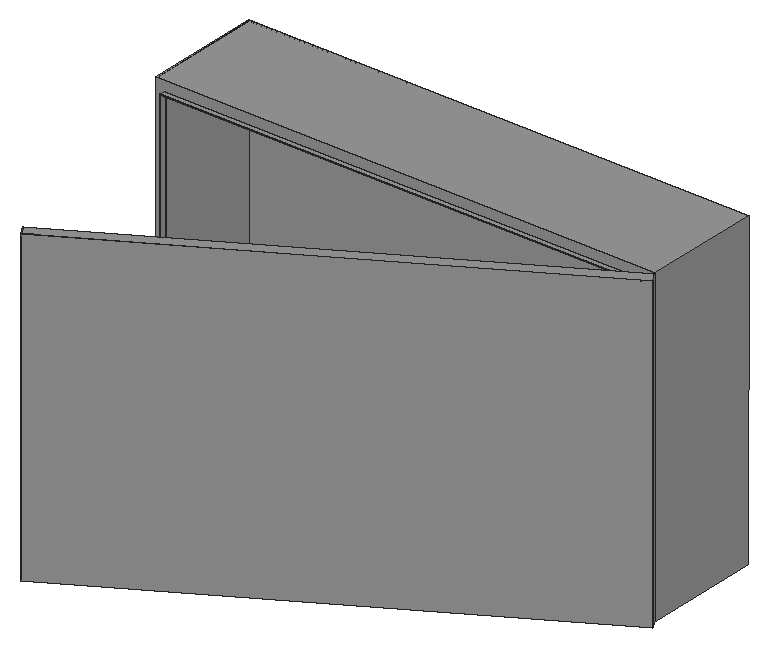
Revit family "Hager-Univers-IP54-D205-H500-Cl.I-Encl-NoHosted-CH-en", category Equipement électrique, Revit 2020
Family settings
  Configuration du panneau = Deux colonnes, circuits au sein
  Cote de connecteur circulaire = Utiliser le diamètre
  Type d'élément = Tableau de raccordement
  Basée sur le plan de construction = Oui
  Toujours verticalement = Oui
  Couper avec des vides une fois chargée = Non
  Partagée = Non
  Point de calcul de pièce = Non
Parameters (values of type "Surface mounted (plaster) IP54 W800 H500 D205  - FP33TW2")
  Width Control [instance] = if([EF000008 - Width] > Min Width, [EF000008 - Width], Min Width)  # 800 mm
  Commentaires du type = [HG000003 - Range]  # "Univers"
  Thickness Door [instance] = if([EF009171 - Material plate thickness door/cover] > 3 mm, 3 mm, [EF009171 - Material plate thickness door/cover])  # 1 mm
  Seal Frame Offset [instance] = 17 mm  # constant formula
  Plinth Visibility [instance] = [HG000027 - Plinth height] > 0 mm  # no
  Min Width [instance] = 100 mm  # constant formula
  Min Depth [instance] = (2 * [EF009170 - Material plate thickness cabinet]) + 1 mm  # 3 mm
  Min Height [instance] = 100 mm  # constant formula
  Internal Frame Depth [instance] = (Door System Depth * 0.5)  # 9 mm
  Panel Name [instance] = ""  # (empty or 0)
  Model = ""
  HG000027 - Plinth height = 0 mm
  HG000026 - Floor standing = no
  HG000024 - Bottom section height = 600 mm
  HG000023 - Double section enclosure = no
  HG000016 - Door 3d visibility [instance] = yes
  HG000015 - Clearance visibility [instance] = no
  HG000014 - Door on the right [instance] = yes
  HG000013 - Door on the left [instance] = not([HG000014 - Door on the right])  # no
  HG000012 - Door swing angle [instance] = 30.00°
  HG000010 - Asymmetric doors = no
  HG000009 - Double swing door = no
  HG000006 - Flush mounted = no
  HG000004 - Manufacturer reference = "FP33TW2"
  HG000003 - Range = "Univers"
  HG000002 - With door or cover = yes
  Frame Offset Bottom [instance] = 10 mm  # constant formula
  Frame Offset [instance] = 15 mm  # constant formula
  EF015940 - Cover with overpressure release = no
  EF011959 - Degree of protection (NEMA) = ""
  EF009554 - Number of openings for flange plates = 6
  EF009212 - Cover model = "EV000116 - Closed"
  EF009171 - Material plate thickness door/cover = 1 mm
  EF009170 - Material plate thickness cabinet = 1 mm
  EF008873 - Nominal current (In) = 250 A
  EF007800 - Suitable for lightning protection = no
  EF006306 - With lock = no
  EF006244 - Transparent cover/door = no
  EF005474 - Degree of protection (IP) = "EV006419 - IP54"
  EF004464 - Type of door = "EV002646 - Single"
  EF004427 - Number of modules = 108
  EF004293 - Impact strength = "EV006815 - IK09"
  EF003532 - Suitable for outdoor use = no
  EF002950 - Width in number of modular spacings = 36
  EF001613 - Circuit integrity = "EV000494 - None"
  EF001596 - Material housing = "EV000179 - Steel"
  EF001131 - Internal depth = 205 mm
  EF001088 - Extension possible = yes
  EF000437 - Number of conduit inlets = 6
  EF000339 - Type of cover = "EV001012 - Cover"
  EF000266 - Number of rows = 3
  EF000218 - Built-in depth = 205 mm
  EF000118 - With mounting plate = no
  EF000116 - RAL-number = "9010"
  EF000049 - Depth = 205 mm
  EF000040 - Height = 500 mm
  EF000008 - Width = 800 mm
  EF000007 - Colour = "EV000202 - White"
  EF000003 - Mounting method = "EV000384 - Surface mounted (plaster)"
  Door System Leaf Tolerance [instance] = 1.5 mm  # constant formula
  Door System Depth [instance] = 18 mm  # constant formula
  Door Height [instance] = Height Control - [HG000027 - Plinth height]  # 500 mm
  Description = ""
  Default Elevation = 1219.2 mm
  Connector Offset [instance] = Height Control / 2  # 250 mm
  Fabricant = "Hager"  # constant formula
  Height Control [instance] = if([EF000040 - Height] > Min Height, [EF000040 - Height], Min Height)  # 500 mm
  Depth Control [instance] = if([EF000049 - Depth] > Min Depth, [EF000049 - Depth], Min Depth)  # 205 mm
  Bottom Top Plate Trim [instance] = 1.5 mm  # constant formula
  Plinth height Ctrl [instance] = if([HG000027 - Plinth height] > 0 mm, [HG000027 - Plinth height], 12 mm)  # 12 mm
Types (5, lengths in mm): name | Width Control | HG000004 - Manufacturer reference | EF009554 - Number of openings for flange plates | EF004464 - Type of door | EF004427 - Number of modules | EF002950 - Width in number of modular spacings | EF000437 - Number of conduit inlets | EF000008 - Width
  Surface mounted (plaster) IP54 W1050 H500 D205  - FP34TW2 | 1050 | "FP34TW2" | 8 | "EV003602 - Double" | 144 | 48 | 8 | 1050
  Surface mounted (plaster) IP54 W1300 H500 D205  - FP35TW2 | 1300 | "FP35TW2" | 10 | "EV003602 - Double" | 180 | 60 | 10 | 1300
  Surface mounted (plaster) IP54 W300 H500 D205  - FP31TW2 | 300 | "FP31TW2" | 2 | "EV002646 - Single" | 36 | 12 | 2 | 300
  Surface mounted (plaster) IP54 W550 H500 D205  - FP32TW2 | 550 | "FP32TW2" | 4 | "EV002646 - Single" | 72 | 24 | 4 | 550
  Surface mounted (plaster) IP54 W800 H500 D205  - FP33TW2 | 800 | "FP33TW2" | 6 | "EV002646 - Single" | 108 | 36 | 6 | 800
Reference planes
  plane 1 "Center (Front/Back)": y = 0
  plane 2: z = 0
  plane 3 "Center (Left/Right)": x = 0
  plane 4: y = 0
  plane 5: y = 0
  plane 6: z = 0
  plane 7: x = -400
  plane 8: x = 400
  plane 9: x = 399
  plane 10: x = -399
  plane 11: z = 0
  plane 12: z = 1
  plane 13: y = -205
  plane 14: y = -1
  plane 15: x = 0
  plane 16: y = -187
  plane 17: y = -204
  plane 18: y = -186
  plane 19: x = -384
  plane 20: x = 384
  plane 21: z = 11
  plane 22: x = -383
  plane 23: x = 383
  plane 24: z = 0
  plane 25: z = 500
  plane 26: z = 500
  plane 27: z = 484
  plane 28: z = 499
Forms (mm)
  Extrusion 1, solid, material "Hager_Steel_RAL7035_Light_Grey", detail levels medium+fine
    sketch origin (-208.679, -4572, 0) x (-1, 0, 0) y (0, -1, 0)
      loop
        line (191.321, -4385) -> (-608.679, -4385) -> (-608.679, -4572) -> (191.321, -4572) -> (191.321, -4385)
    from 0 to 500
  Extrusion 2, void
    sketch origin (-350.771, -205, 1219.2) x (1, 0, 0) y (0, 0, 1)
      loop
        line (-48.229, -720.2) -> (-48.229, -1218.2) -> (749.771, -1218.2) -> (749.771, -720.2) -> (-48.229, -720.2)
    from -19 to -204
  Extrusion 3, void
    sketch origin (-290.084, -187, 1219.2) x (1, 0, 0) y (0, 0, 1)
      loop
        line (-93.916, -1208.2) -> (674.084, -1208.2) -> (674.084, -735.2) -> (-93.916, -735.2) -> (-93.916, -1208.2)
    from 0 to -1
  Extrusion 4, solid, material "Hager_Steel_RAL7035_Light_Grey", visible <- "Plinth Visibility", detail levels medium+fine
    sketch origin (0, 0, 0) x (1, 0, 0) y (0, 1, 0)
      loop
        line (-400, 0) -> (-400, -187) -> (400, -187) -> (400, 0) -> (-400, 0)
    from 0 to 12 <- "Plinth height Ctrl"
  Extrusion 5, solid, material "Hager_Steel_RAL7035_Light_Grey", detail levels coarse
    sketch origin (0, 0, 0) x (1, 0, 0) y (0, 1, 0)
      loop
        line (-400, 0) -> (-400, -205) -> (400, -205) -> (400, 0) -> (-400, 0)
    from 0 to 500 <- "Height Control"
  Sweep 6, void
    path in 3D
      loop
        line (-400, -187, 12) -> (400, -187, 12) -> (400, 0, 12) -> (-400, 0, 12) -> (-400, -187, 12)
    profile origin (-400, -93.5, 12) x (1, 0, 0) y (0, 0, 1)
      loop
        line (0, 0) -> (0, -1.5) -> (1.5, -1.5)
        arc (1.5, -1.5) -> (1.061, -0.439) -> (0, 0) r 1.5
  Extrusion 7, solid, material "Hager_Steel_RAL7035_Light_Grey", detail levels fine
    sketch origin (-400, -187, 0) x (1, 0, 0) y (0, 0, 1)
      loop
        line (16, 11) -> (784, 11) -> (784, 484) -> (16, 484) -> (16, 11)
      loop
        line (15, 10) -> (785, 10) -> (785, 485) -> (15, 485) -> (15, 10)
    from 0 to 9 <- "Internal Frame Depth"
Cuts and joins
  Extrusion 2, Extrusion 3 cuts Extrusion 1
  Sweep 6 cuts Extrusion 4
Lines and regions (mm)
  Masking region 1
    outline origin (0, 0, 0) x (1, 0, 0) y (0, 1, 0)
      loop
        line (-400, 0) -> (-400, -205) -> (400, -205) -> (400, 0) -> (-400, 0)
  Masking region 2, detail levels coarse
    outline origin (-290.084, -187, 1219.2) x (-1, 0, 0) y (0, 0, 1)
      loop
        line (-690.084, -1219.2) -> (109.916, -1219.2) -> (109.916, -719.2) -> (-690.084, -719.2) -> (-690.084, -1219.2)
  Masking region 3, detail levels coarse
    outline origin (0, 0, 0) x (0, 1, 0) y (0, 0, 1)
      loop
        line (0, 0) -> (0, 500) -> (-205, 500) -> (-205, 0) -> (0, 0)
  Masking region 4, visible <- "Plinth Visibility", detail levels medium+fine
    outline origin (0, 0, 0) x (0, 1, 0) y (0, 0, 1)
      loop
        line (-1.5, 12) -> (-185.5, 12)
        arc (-185.5, 12) -> (-185.939, 10.939) -> (-187, 10.5) r 1.5
        line (-187, 10.5) -> (-187, 0) -> (0, 0) -> (0, 10.5)
        arc (0, 10.5) -> (-1.061, 10.939) -> (-1.5, 12) r 1.5
  Masking region 5, detail levels medium+fine
    outline origin (0, 0, 594.038) x (0, 1, 0) y (0, 0, 1)
      loop
        line (0, -594.038) -> (0, -94.038) -> (-187, -94.038) -> (-187, -594.038) -> (0, -594.038)
  Masking region 6, detail levels medium+fine
    outline origin (-359.7, -187, 1211.883) x (-1, 0, 0) y (0, 0, 1)
      loop
        line (-759.7, -1211.883) -> (40.3, -1211.883) -> (40.3, -711.883) -> (-759.7, -711.883) -> (-759.7, -1211.883)
  Masking region 7, visible <- "Plinth Visibility", detail levels medium+fine
    outline origin (-320.334, -187, 1041.368) x (-1, 0, 0) y (0, 0, 1)
      loop
        line (-720.334, -1041.368) -> (79.666, -1041.368) -> (79.666, -1030.868)
        arc (79.666, -1030.868) -> (78.606, -1030.429) -> (78.166, -1029.368) r 1.5
        line (78.166, -1029.368) -> (-718.834, -1029.368)
        arc (-718.834, -1029.368) -> (-719.273, -1030.429) -> (-720.334, -1030.868) r 1.5
        line (-720.334, -1030.868) -> (-720.334, -1041.368)
  sketch lines
    curve 1: line (-400, 0, 12) -> (-400, -187, 12)
    curve 2: line (-400, -187, 12) -> (400, -187, 12)
    curve 3: line (400, 0, 12) -> (-400, 0, 12)
    curve 4: line (400, -187, 12) -> (400, 0, 12)
Dimensions and locks
  locked: plane 1 "Center (Front/Back)" to plane 5
  "EF009170 - Material plate thickness cabinet": plane 7 to plane 10
  "EF009170 - Material plate thickness cabinet": plane 8 to plane 9
  equal spacing: plane 7, plane 3 "Center (Left/Right)", plane 8
  "Width Control": plane 7 to plane 8
  "Depth Control": plane 4 to plane 13
  "EF009170 - Material plate thickness cabinet": plane 4 to plane 14
  "Height Control": plane 25 to level
  "HG000027 - Plinth height": plane 11 to level
  "EF009170 - Material plate thickness cabinet": plane 12 to plane 11
  "EF009170 - Material plate thickness cabinet": plane 17 to plane 13
  "EF009170 - Material plate thickness cabinet": plane 18 to plane 16
  "Frame Offset Bottom": plane 21 to plane 12
  "Frame Offset": plane 10 to plane 19
  "Frame Offset": plane 9 to plane 20
  "Door System Depth": plane 16 to plane 13
  "Seal Frame Offset": plane 7 to plane 22
  "Seal Frame Offset": plane 8 to plane 23
  "EF009170 - Material plate thickness cabinet": plane 26 to plane 28
  "Frame Offset": plane 28 to plane 27
  "Connector Offset": plane 2 to connector elem
  "Bottom Top Plate Trim": profile plane to Sweep 6 sketch curve
  "Bottom Top Plate Trim": Sweep 6 sketch curve to Sweep 6 sketch curve
  "Plinth height Ctrl": Masking region 4 sketch curve to level
  "Plinth height Ctrl": Masking region 7 sketch curve to level
  "Thickness Door": Extrusion 7 sketch curve to Extrusion 7 sketch curve  (x4)
  "Bottom Top Plate Trim": radius of Sweep 6 sketch curve
  "Bottom Top Plate Trim": radius of Masking region 4 sketch curve  (x2)
  "Bottom Top Plate Trim": radius of Masking region 7 sketch curve  (x2)
  aligned and locked: Extrusion 2 sketch curve to plane 12
  aligned and locked: Extrusion 2 sketch curve to plane 9
  aligned and locked: Extrusion 2 sketch curve to plane 10
  aligned and locked: Extrusion 2 to plane 14
  aligned and locked: Extrusion 1 sketch curve to plane 4
  aligned and locked: plane 8 to Extrusion 1 sketch curve
  aligned and locked: plane 7 to Extrusion 1 sketch curve
  aligned and locked: Extrusion 2 to plane 18
  aligned and locked: plane 19 to Extrusion 3 sketch curve
  aligned and locked: plane 20 to Extrusion 3 sketch curve
  aligned and locked: Extrusion 3 to Extrusion 2
  aligned and locked: Extrusion 3 sketch curve to plane 21
  aligned and locked: plane 3 "Center (Left/Right)" to nested 1
  aligned and locked: Extrusion 1 sketch curve to plane 16
  aligned and locked: Extrusion 4 sketch curve to cut or joined group of Extrusion 1, Extrusion 2, Extrusion 3
  aligned and locked: Masking region 1 sketch curve to plane 7
  aligned and locked: Masking region 1 sketch curve to plane 5
  aligned and locked: Masking region 1 sketch curve to plane 8
  aligned and locked: Masking region 2 sketch curve to level
  aligned and locked: level to Masking region 3 sketch curve
  aligned and locked: plane 1 "Center (Front/Back)" to Masking region 3 sketch curve
  aligned and locked: plane 13 to Masking region 3 sketch curve
  aligned and locked: plane 5 to Masking region 4 sketch curve
  aligned and locked: Masking region 2 sketch curve to plane 8
  aligned and locked: Masking region 2 sketch curve to plane 7
  aligned and locked: plane 7 to nested 2
  aligned and locked: nested 2 to plane 5
  aligned and locked: plane 5 to Masking region 5 sketch curve
  aligned and locked: plane 26 to Masking region 5 sketch curve
  aligned and locked: Extrusion 5 sketch curve to plane 8
  aligned and locked: Extrusion 5 sketch curve to plane 7
  aligned and locked: Extrusion 5 sketch curve to plane 5
  aligned and locked: Extrusion 3 sketch curve to plane 27
  aligned and locked: Extrusion 2 sketch curve to plane 28
  aligned and locked: Masking region 2 to plane 25
  aligned and locked: Extrusion 4 to plane 16
  aligned and locked: profile plane to Sweep 6 sketch curve
  aligned and locked: Masking region 5 sketch curve to plane 24
  aligned and locked: level to Masking region 4 sketch curve
  aligned and locked: Masking region 1 to plane 13
  aligned and locked: nested 1 to plane 16
  aligned and locked: Masking region 3 to plane 25
  aligned and locked: plane 16 to Masking region 4 sketch curve
  aligned and locked: Masking region 5 sketch curve to plane 16
  aligned and locked: plane 24 to plane 11
  aligned and locked: plane 26 to plane 25
  aligned and locked: plane 26 to cut or joined group of Extrusion 1, Extrusion 2, Extrusion 3
  aligned and locked: nested 1 to plane 24
  aligned and locked: Extrusion 1 to Extrusion 3
  aligned and locked: Masking region 6 sketch curve to plane 8
  aligned and locked: Masking region 6 sketch curve to plane 24
  aligned and locked: Masking region 6 sketch curve to plane 7
  aligned and locked: Masking region 6 sketch curve to plane 26
  aligned and locked: Masking region 7 sketch curve to plane 7
  aligned and locked: level to Masking region 7 sketch curve
  aligned and locked: Masking region 7 sketch curve to plane 8
  aligned and locked: Extrusion 7 sketch curve to cut or joined group of Extrusion 1, Extrusion 2, Extrusion 3  (x4)
Automatic sketch dimensions
  plane 19 to Extrusion 3 sketch curve = 0 mm
  Extrusion 3 sketch curve to plane 20 = 0 mm
  Extrusion 3 sketch curve to plane 21 = 0 mm
  Extrusion 4 sketch curve to plane 7 = 0 mm
  Extrusion 4 sketch curve to plane 8 = 0 mm
  Extrusion 4 sketch curve to plane 16 = 0 mm
  Masking region 1 sketch curve to plane 13 = 0 mm
  Masking region 2 sketch curve to plane 25 = 0 mm
  Masking region 3 sketch curve to plane 25 = 0 mm
  Extrusion 5 sketch curve to plane 13 = 0 mm
  profile plane to Sweep 6 sketch curve = 0 mm
Nested families
  nested 1: "EC000058_Univers_Door" at (0, -187, 0), Double <- "HG000009 - Double swing door", Transparent <- "EF006244 - Transparent cover/door", Angle <- "HG000012 - Door swing angle", Door_Right <- "HG000014 - Door on the right", Assymetrical <- "HG000010 - Asymmetric doors", Door <- "HG000002 - With door or cover", Width_Ctrl <- "Width Control", 3d_Door <- "HG000016 - Door 3d visibility", Clearance <- "HG000015 - Clearance visibility", Door_Left <- "HG000013 - Door on the left", Width <- "Width Control", Door_Depth <- "Door System Depth", Leaf_Tolerance <- "Door System Leaf Tolerance", Height <- "Door Height", Lock_Visibility <- "EF006306 - With lock", Thickness <- "Thickness Door", type "EC000058_Univers_Door", detail levels medium+fine
    with min_wh 3 mm, Width_Ctrl 800 mm, Width 800 mm, Transparent no, Thickness 1 mm, Seal_Material Hager_Rubber, Lock_Visibility no, Lock_Material Hager_Plastic_RAL9005_Jet_Black, Leaf_Width 800 mm, Leaf_Tolerance_External_Sides 0 mm, Leaf_Tolerance 1.5 mm, Leaf_Offset 0 mm, Leaf_Height 497 mm, Leaf_2_Width 800 mm, Leaf_2_Offset 400 mm, Leaf_1_Width 800 mm, Leaf_1_Offset 400 mm, Height_Ctrl 500 mm, Height 500 mm, Glass_Material Hager_Glass, Double_Clearance_Ctrl no, Double no, Door_Right_Ctrl yes, Door_Right yes, Door_Material Hager_Steel_RAL7035_Light_Grey, Door_Left_Ctrl no, Door_Left no, Door_Depth 18 mm, Door yes, Clearance_Material Hager_Clearance, Clearance_Depth 800 mm, Clearance_Ctrl no, Clearance no, Assymetrical no, Angle 30.00°, 3d_Door yes
  nested 2: "Hager_Enclosure_Symbol" at (-400, 0, 0), Height <- "Depth Control", Width <- "Width Control", type "Hager_Enclosure_Symbol"
    with Width_Ctrl 800 mm, Width 800 mm, Height_Ctrl 205 mm, Height 205 mm, A_Width_Int 13.453 mm, A_Width 161.438 mm, A_Height_Ctrl 179.375 mm, A_Height 179.375 mm
Connectors
  electrical at (0, 0, 250)
    settings: on plane 1 "Center (Front/Back)", index 1, voltage 0 V, apparent load 0 VA, apparent load phase1 0 VA, apparent load phase2 0 VA, apparent load phase3 0 VA, power factor 1, load classification "Other", number of poles 1, system type 30, power factor state 1, is connector primary yes, connector utility no, sub classification motor no, connector description ""
Definition of nested family "EC000058_Univers_Door"
  Parameters (values of type "EC000058_Univers_Door")
    min_wh [instance] = (2 * Thickness) + 1 mm  # 11 mm
    Width_Ctrl [instance] = 400 mm
    Width [instance] = 500 mm
    Transparent [instance] = yes
    Thickness [instance] = 5 mm
    Seal_Material [instance] = none
    Lock_Visibility [instance] = yes
    Lock_Material [instance] = none
    Leaf_Width [instance] = if((Width_Ctrl - 2 * Leaf_Tolerance_External_Sides) > 0 mm, (Width_Ctrl - 2 * Leaf_Tolerance_External_Sides), min_wh)  # 400 mm
    Leaf_Tolerance_External_Sides [instance] = 0 mm  # constant formula
    Leaf_Tolerance [instance] = 1.5 mm
    Leaf_Offset [instance] = 0 mm  # constant formula
    Leaf_Height [instance] = if((Height_Ctrl - 2 * Leaf_Tolerance) > 0 mm, (Height_Ctrl - 2 * Leaf_Tolerance), min_wh)  # 497 mm
    Leaf_2_Width [instance] = if(and(and(Double, Assymetrical), Door_Left), (Leaf_Width / 3) - (Leaf_Tolerance / 2), if(and(and(Double, Assymetrical), Door_Right), (Leaf_Width / 3) * 2 - (Leaf_Tolerance / 2), if(and(Double, not(Assymetrical)), (Leaf_Width / 2) - Leaf_Tolerance, Leaf_Width)))  # 400 mm
    Leaf_2_Offset [instance] = if(and(Double, Assymetrical), Leaf_2_Width / 2, if(and(Double, not(Assymetrical)), Leaf_Width / 4, Leaf_Width / 2))  # 200 mm
    Leaf_1_Width [instance] = if(and(and(Double, Assymetrical), Door_Right), (Leaf_Width / 3) - (Leaf_Tolerance / 2), if(and(and(Double, Assymetrical), Door_Left), (Width / 3) * 2 - (Leaf_Tolerance / 2), if(and(Double, not(Assymetrical)), (Leaf_Width / 2) - Leaf_Tolerance, Leaf_Width)))  # 400 mm
    Leaf_1_Offset [instance] = if(and(Double, Assymetrical), Leaf_1_Width / 2, if(and(Double, not(Assymetrical)), Leaf_Width / 4, Leaf_Width / 2))  # 200 mm
    Height_Ctrl [instance] = if(Height > min_wh, Height, min_wh)  # 500 mm
    Height [instance] = 500 mm
    Glass_Material [instance] = none
    Double_Clearance_Ctrl [instance] = and(Double, Clearance)  # no
    Double [instance] = no
    Door_Right_Ctrl [instance] = and(or(Door_Right, Double), Door)  # yes
    Door_Right [instance] = yes
    Door_Material [instance] = none
    Door_Left_Ctrl [instance] = and(or(Door_Left, Double), Door)  # no
    Door_Left [instance] = no
    Door_Depth [instance] = 30 mm
    Door [instance] = yes
    Default Elevation = 1219.2 mm
    Clearance_Material [instance] = none
    Clearance_Depth [instance] = if(Leaf_1_Width > Leaf_2_Width, Leaf_1_Width, Leaf_2_Width)  # 400 mm
    Clearance_Ctrl [instance] = and(not(Double), Clearance)  # yes
    Clearance [instance] = yes
    Assymetrical [instance] = yes
    Angle [instance] = 30.00°
    3d_Door [instance] = yes
  Reference planes
    plane 1 "Center (Front/Back)": y = 0
    plane 2 "Bottom": z = 0
    plane 3 "Center (Left/Right)": x = 0
    plane 4: z = 500
    plane 5: x = -200
    plane 6: x = 200
    plane 7: z = 500
    plane 8: x = -200
    plane 9: z = 0
    plane 10: x = 200
    plane 11: y = 0
    plane 12: z = 1.5
    plane 13: x = -600
    plane 14: y = -400
    plane 15: x = 600
    plane 16: x = 0
    plane 17: x = 0
    plane 18: x = -200
    plane 19: x = 200
    plane 20: z = 498.5
  Forms (mm)
    Extrusion 1, solid, material <- "Clearance_Material", visible <- "Double_Clearance_Ctrl"
      sketch origin (1200, 0, 0) x (1, 0, 0) y (0, 0, -1)
        loop
          line (-1800, -498.5) -> (-600, -498.5) -> (-600, 0) -> (-1800, 0) -> (-1800, -498.5)
      from 0 to -400
  Dimensions and locks
    equal spacing: plane 5, plane 3 "Center (Left/Right)", plane 6
    "Width_Ctrl": plane 5 to plane 6
    "Leaf_Offset": plane 5 to plane 8
    "Leaf_Offset": plane 6 to plane 10
    "Leaf_Offset": plane 9 to level
    "Leaf_Offset": plane 4 to plane 7
    "Height_Ctrl": plane 4 to level
    "Leaf_Tolerance": plane 12 to plane 9
    locked: plane 11 to plane 1 "Center (Front/Back)"
    "Leaf_1_Offset": plane 18 to plane 16
    "Leaf_2_Offset": plane 17 to plane 19
    "Leaf_1_Width": plane 13 to plane 8
    "Leaf_2_Width": plane 10 to plane 15
    "Clearance_Depth": plane 14 to plane 1 "Center (Front/Back)"
    "Leaf_Tolerance_External_Sides": plane 8 to plane 18
    "Leaf_Tolerance_External_Sides": plane 19 to plane 10
    "Leaf_Tolerance": plane 7 to plane 20
    aligned and locked: level to plane 2 "Bottom"
    aligned and locked: nested 1 to plane 16
    aligned and locked: nested 2 to plane 17
    aligned and locked: Extrusion 1 to plane 13
    aligned and locked: plane 15 to Extrusion 1
    aligned and locked: Extrusion 1 to plane 14
    aligned and locked: plane 12 to nested 1
    aligned and locked: nested 2 to plane 12
    aligned and locked: Extrusion 1 to plane 11
    aligned and locked: plane 20 to Extrusion 1
    aligned and locked: nested 2 to plane 11
    aligned and locked: nested 1 to plane 11
  Automatic sketch dimensions
    Extrusion 1 sketch curve to level = 0 mm
    plane 5 to Extrusion 1 sketch curve = 400 mm
    plane 6 to Extrusion 1 sketch curve = 400 mm
    Extrusion 1 sketch curve to plane 4 = 1.5 mm
  Nested families
    nested 1: "EC000058_Univers_Door_Leaf" at (0, 0, 1.5), Width <- "Leaf_1_Width", visible <- "Door_Left_Ctrl", Leaf_Height <- "Leaf_Height", Angle <- "Angle", 3d_Door <- "3d_Door", Transparent <- "Transparent", Clearance Material <- "Clearance_Material", Clearance <- "Clearance_Ctrl", Door_Material <- "Door_Material", Glass_Material <- "Glass_Material", Door_Depth <- "Door_Depth", Lock_Material <- "Lock_Material", Seal_Material <- "Seal_Material", Lock_Visibility <- "Lock_Visibility", Thickness <- "Thickness", type "EC000058_Univers_Door_Leaf"
      with Width 400 mm, Transparent_Glass_Offset 30 mm, Transparent_Ctrl yes, Transparent yes, Thickness 5 mm, Standard no, Seal_Material none, Seal_D2 8 mm, Seal_D1 1 mm, Offset_Internal_Frame 10 mm, Lock_Width 20 mm, Lock_Visibility_3d yes, Lock_Visibility yes, Lock_Thickness_3 3 mm, Lock_Thickness_2 1 mm, Lock_Thickness_1 3 mm, Lock_Radius_Offset_2 16 mm, Lock_Radius_Offset_1 15 mm, Lock_Radius_2 5 mm, Lock_Radius 6 mm, Lock_Offset 5 mm, Lock_Material none, Lock_Height 80 mm, Lock_Cover_Top_Offset_2d 17 mm, Lock_Cover_Height -65 mm, Leaf_Height 497 mm, Internal_Seal_Thickness 8 mm, Internal_Seal_Depth_2 4.5 mm, Internal_Frame_Depth 25 mm, Glass_Thickness -1 mm, Glass_Offset -2 mm, Glass_Material none, Door_Material none, Door_Depth 30 mm, Clearance Material none, Clearance yes, Angle_Ctrl 30.00°, Angle 30.00°, 3d_Door yes
    nested 2: "EC000058_Univers_Door_Leaf" at (0, 0, 1.5) x (-1, 0, 0) z (0, 0, 1), Width <- "Leaf_2_Width", visible <- "Door_Right_Ctrl", Leaf_Height <- "Leaf_Height", Angle <- "Angle", 3d_Door <- "3d_Door", Transparent <- "Transparent", Clearance Material <- "Clearance_Material", Clearance <- "Clearance_Ctrl", Door_Material <- "Door_Material", Glass_Material <- "Glass_Material", Door_Depth <- "Door_Depth", Lock_Material <- "Lock_Material", Seal_Material <- "Seal_Material", Lock_Visibility <- "Lock_Visibility", Thickness <- "Thickness", type "EC000058_Univers_Door_Leaf"
      with Width 400 mm, Transparent_Glass_Offset 30 mm, Transparent_Ctrl yes, Transparent yes, Thickness 5 mm, Standard no, Seal_Material none, Seal_D2 8 mm, Seal_D1 1 mm, Offset_Internal_Frame 10 mm, Lock_Width 20 mm, Lock_Visibility_3d yes, Lock_Visibility yes, Lock_Thickness_3 3 mm, Lock_Thickness_2 1 mm, Lock_Thickness_1 3 mm, Lock_Radius_Offset_2 16 mm, Lock_Radius_Offset_1 15 mm, Lock_Radius_2 5 mm, Lock_Radius 6 mm, Lock_Offset 5 mm, Lock_Material none, Lock_Height 80 mm, Lock_Cover_Top_Offset_2d 17 mm, Lock_Cover_Height -65 mm, Leaf_Height 497 mm, Internal_Seal_Thickness 8 mm, Internal_Seal_Depth_2 4.5 mm, Internal_Frame_Depth 25 mm, Glass_Thickness -1 mm, Glass_Offset -2 mm, Glass_Material none, Door_Material none, Door_Depth 30 mm, Clearance Material none, Clearance yes, Angle_Ctrl 30.00°, Angle 30.00°, 3d_Door yes
  Definition of nested family "EC000058_Univers_Door_Leaf"
    Parameters (values of type "EC000058_Univers_Door_Leaf")
      Width [instance] = 2000 mm
      Transparent_Glass_Offset [instance] = 30 mm
      Transparent_Ctrl [instance] = and(Transparent, [3d_Door])  # yes
      Transparent [instance] = yes
      Thickness [instance] = 5 mm
      Standard [instance] = and(not(Transparent), [3d_Door])  # no
      Seal_Material [instance] = none
      Seal_D2 [instance] = 8 mm  # constant formula
      Seal_D1 [instance] = 1 mm  # constant formula
      Offset_Internal_Frame [instance] = 10 mm  # constant formula
      Lock_Width [instance] = 20 mm  # constant formula
      Lock_Visibility_3d [instance] = and(Lock_Visibility, [3d_Door])  # yes
      Lock_Visibility [instance] = yes
      Lock_Thickness_3 [instance] = 3 mm  # constant formula
      Lock_Thickness_2 [instance] = 1 mm  # constant formula
      Lock_Thickness_1 [instance] = 3 mm  # constant formula
      Lock_Radius_Offset_2 [instance] = Lock_Radius_Offset_1 + 1 mm  # 16 mm
      Lock_Radius_Offset_1 [instance] = 15 mm  # constant formula
      Lock_Radius_2 [instance] = Lock_Radius - 1 mm  # 5 mm
      Lock_Radius [instance] = 6 mm  # constant formula
      Lock_Offset [instance] = 5 mm  # constant formula
      Lock_Material [instance] = none
      Lock_Height [instance] = 80 mm  # constant formula
      Lock_Cover_Top_Offset_2d [instance] = Lock_Radius_Offset_2 + 1 mm  # 17 mm
      Lock_Cover_Height [instance] = -(Lock_Height - Lock_Radius_Offset_1)  # -65 mm
      Leaf_Height [instance] = 2720.336 mm
      Internal_Seal_Thickness [instance] = 8 mm  # constant formula
      Internal_Seal_Depth_2 [instance] = 4.5 mm  # constant formula
      Internal_Frame_Depth [instance] = if(Door_Depth - Thickness > 5 mm, Door_Depth - Thickness, 5 mm)  # 25 mm
      Glass_Thickness [instance] = if(Thickness > 15 mm, Glass_Offset + 10 mm, -1 mm)  # -1 mm
      Glass_Offset [instance] = if(Thickness > 15 mm, -(Thickness + 10 mm) / 2, -2 mm)  # -2 mm
      Glass_Material [instance] = none
      Door_Material [instance] = none
      Door_Depth [instance] = 30 mm
      Default Elevation = 0 mm
      Clearance Material [instance] = none
      Clearance [instance] = yes
      Angle_Ctrl [instance] = if(Angle > 180.00°, 180.00°, Angle)  # 90.00°
      Angle [instance] = 90.00°
      3d_Door [instance] = yes
    Reference planes
      plane 1 "Center (Front/Back)": y = 0
      plane 2: z = 0
      plane 3 "Center (Left/Right)": x = 0
      plane 4: y = 2000
      plane 5: x = -1000
      plane 6: x = 1000
      plane 7: x = -3000
      plane 8: z = 2720.336
      plane 9: z = 30
      plane 10: z = 2690.336
      plane 11: x = 970
      plane 12: x = -970
      plane 13: y = -3
      plane 14: z = 107.833
      plane 15: y = -5
      plane 16: y = -223.314
      plane 17: x = -1000
      plane 18: z = 1360.168
      plane 19: y = 30
    Forms (mm)
      Extrusion 1, solid, material <- "Clearance Material", visible <- "Clearance"
        sketch origin (0, 0, 0) x (1, 0, 0) y (0, 0, 1)
          loop
            line (-3000, 2720.336) -> (-3000, 0) -> (1000, 0) -> (1000, 2720.336) -> (-3000, 2720.336)
        from 0 to -2000
      Extrusion 2, solid, material <- "Door_Material", visible <- "Standard", detail levels medium+fine
        sketch origin (-1000, 0, 0) x (0, 1, 0) y (-1, 0, 0)
          loop
            line (0, 30) -> (0, 25) -> (2000, 25) -> (2000, 30) -> (0, 30)
        from 0 to 2720.336 <- "Leaf_Height"
      Extrusion 3, solid, material <- "Door_Material", visible <- "Transparent_Ctrl", detail levels medium+fine
        sketch origin (-1000, 0, 0) x (0, 1, 0) y (-1, 0, 0)
          loop
            line (0, 25) -> (2000, 25) -> (2000, 30) -> (0, 30) -> (0, 25)
        from 0 to 2720.336 <- "Leaf_Height"
      Extrusion 4, void
        sketch origin (-1025, 2000, 0) x (0, 1, 0) y (0, 0, -1)
          loop
            line (-30, -2690.336) -> (-30, -30) -> (-1970, -30) -> (-1970, -2690.336) -> (-30, -2690.336)
        from 0 to 5 <- "Thickness"
      Sweep 5, solid, material <- "Seal_Material", visible <- "Transparent_Ctrl", detail levels fine
        path in 3D
          loop
            line (-1025, 30, 30) -> (-1025, 30, 2690.336) -> (-1025, 1970, 2690.336) -> (-1025, 1970, 30) -> (-1025, 30, 30)
        profile origin (-1025, 1000, 30) x (1, 0, 0) y (0, 0, 1)
          loop
            line (0, 0) -> (0, -8) -> (1, -8) -> (1, 0) -> (0, 0)
      Extrusion 6, solid, material <- "Glass_Material", visible <- "Transparent_Ctrl", detail levels medium+fine
        sketch origin (-1030, 0, 0) x (0, 1, 0) y (0, 0, -1)
          loop
            line (1970, -2690.336) -> (1970, -30) -> (30, -30) -> (30, -2690.336) -> (1970, -2690.336)
        from -2 <- "Glass_Offset" to -1 <- "Glass_Thickness"
      Extrusion 7, solid, material <- "Door_Material", visible <- "3d_Door", detail levels medium+fine
        sketch origin (-1025, 2000, 0) x (0, -1, 0) y (0, 0, -1)
          loop
            line (0, -2720.336) -> (2000, -2720.336) -> (2000, 0) -> (0, 0) -> (0, -2720.336)
          loop
            line (1995, -5) -> (5, -5) -> (5, -2715.336) -> (1995, -2715.336) -> (1995, -5)
        from 0 to 25 <- "Internal_Frame_Depth"
      Sweep 8, solid, material <- "Seal_Material", visible <- "Transparent_Ctrl", detail levels fine
        path in 3D
          loop
            line (-1025, 0, 0) -> (-1025, 2000, 0) -> (-1025, 2000, 2720.336) -> (-1025, 0, 2720.336) -> (-1025, 0, 0)
        profile origin (-1025, 0, 1360.168) x (1, 0, 0) y (0, 1, 0)
          loop
            line (0, 10) -> (2.975, 10)
            arc (2.975, 10) -> (4.053, 10.447) -> (4.5, 11.525) r 1.525
            line (4.5, 11.525) -> (4.5, 16.527)
            arc (4.5, 16.527) -> (4.069, 17.569) -> (3.027, 18) r 1.473
            line (3.027, 18) -> (0, 18) -> (0, 10)
      Extrusion 9, solid, material <- "Lock_Material", visible <- "Lock_Visibility_3d", detail levels fine
        sketch origin (-1030, 0, 0) x (0, 1, 0) y (0, 0, -1)
          loop
            arc (1993.5, -1400.168) -> (1994.561, -1399.729) -> (1995, -1398.668) r 1.5
            line (1995, -1398.668) -> (1995, -1320.168) -> (1975, -1320.168) -> (1975, -1398.668)
            arc (1975, -1398.668) -> (1975.439, -1399.729) -> (1976.5, -1400.168) r 1.5
            line (1976.5, -1400.168) -> (1993.5, -1400.168)
        from 3 <- "Lock_Thickness_1" to 0
      Blend 10, solid, material <- "Lock_Material", visible <- "Lock_Visibility_3d", detail levels fine
        base sketch origin (-1033, 0, 0) x (0, 1, 0) y (0, 0, -1)
          loop
            line (1975, -1320.168) -> (1975, -1398.668)
            arc (1975, -1398.668) -> (1975.439, -1399.729) -> (1976.5, -1400.168) r 1.5
            line (1976.5, -1400.168) -> (1993.5, -1400.168)
            arc (1993.5, -1400.168) -> (1994.561, -1399.729) -> (1995, -1398.668) r 1.5
            line (1995, -1398.668) -> (1995, -1320.168) -> (1975, -1320.168)
        top sketch origin (-1033, 0, 0) x (0, 1, 0) y (0, 0, -1)
          loop
            line (1976, -1320.168) -> (1976, -1398.668)
            arc (1976, -1398.668) -> (1976.146, -1399.022) -> (1976.5, -1399.168) r 0.5
            line (1976.5, -1399.168) -> (1993.5, -1399.168)
            arc (1993.5, -1399.168) -> (1993.854, -1399.022) -> (1994, -1398.668) r 0.5
            line (1994, -1398.668) -> (1994, -1320.168) -> (1976, -1320.168)
        from 0 to 1 <- "Lock_Thickness_2"
      Blend 11, solid, material <- "Lock_Material", visible <- "Lock_Visibility_3d", detail levels fine
        base sketch origin (-1034, 0, 0) x (0, 1, 0) y (0, 0, -1)
          loop
            line (1978, -1320.168) -> (1978, -1384.168)
            arc (1978, -1384.168) -> (1985, -1391.168) -> (1992, -1384.168) r 7
            line (1992, -1384.168) -> (1992, -1320.168) -> (1978, -1320.168)
        top sketch origin (-1034, 0, 0) x (0, 1, 0) y (0, 0, -1)
          loop
            line (1991, -1320.168) -> (1979, -1320.168) -> (1979, -1383.168)
            arc (1979, -1383.168) -> (1985, -1389.168) -> (1991, -1383.168) r 6
            line (1991, -1383.168) -> (1991, -1320.168)
        from 0 to 3 <- "Lock_Thickness_3"
      Extrusion 12, solid, material <- "Lock_Material", visible <- "Lock_Visibility_3d", detail levels fine
        sketch origin (-1030, 1975, 1320.168) x (1, 0, 0) y (0, -1, 0)
          loop
            line (-7, -19) -> (-7, -1) -> (0, -1) -> (0, 0) -> (-8, 0) -> (-8, -20) -> (0, -20) -> (0, -19) -> (-7, -19)
        from 0 to -65 <- "Lock_Cover_Height"
      Extrusion 13, void
        sketch origin (-1038, 1995, 1320.168) x (-1, 0, 0) y (0, 0, -1)
          loop
            line (-5, -65) -> (0, -65) -> (-5, -60) -> (-5, -65)
        from 0 to 20 <- "Lock_Width"
      Extrusion 14, void
        sketch origin (-1038, 1975, 1320.168) x (0, -1, 0) y (0, 0, -1)
          loop
            circle (-10, -15.995) r 6
          loop
            circle (-10, -15.995) r 5
        from 0 to 2
      Extrusion 15, solid, material <- "Lock_Material", visible <- "Lock_Visibility_3d", detail levels medium
        sketch origin (-1030, 0, 0) x (0, 1, 0) y (0, 0, -1)
          loop
            arc (1993.5, -1400.168) -> (1994.561, -1399.729) -> (1995, -1398.668) r 1.5
            line (1995, -1398.668) -> (1995, -1320.168) -> (1975, -1320.168) -> (1975, -1398.668)
            arc (1975, -1398.668) -> (1975.439, -1399.729) -> (1976.5, -1400.168) r 1.5
            line (1976.5, -1400.168) -> (1993.5, -1400.168)
        from 8 to 0
    Cuts and joins
      Extrusion 4 cuts Extrusion 3
      Extrusion 13, Extrusion 14 cuts Extrusion 9
      Extrusion 14 cuts Blend 11
      Extrusion 13, Extrusion 14 cuts Extrusion 12
      joined: Extrusion 9, Blend 10, Blend 11, Extrusion 12
      Extrusion 14 cuts Extrusion 15
    Lines and regions (mm)
      Masking region 1, visible <- "Lock_Visibility", detail levels fine
        outline origin (0, 0, 0) x (0, 1, 0) y (0, 0, 1)
          loop
            line (30, 1320.168) -> (33, 1320.168) -> (33, 1400.168) -> (30, 1400.168) -> (30, 1320.168)
      Masking region 2, visible <- "Lock_Visibility", detail levels fine
        outline origin (0, 3.143, 0) x (0, 1, 0) y (0, 0, 1)
          loop
            line (29.857, 1354.168) -> (30.857, 1354.168) -> (30.857, 1366.168) -> (29.857, 1366.168) -> (29.857, 1354.168)
      Masking region 3, detail levels medium+fine
        outline origin (0, 0, 0) x (0, 1, 0) y (0, 0, 1)
          loop
            line (0, 0) -> (30, 0) -> (30, 2720.336) -> (0, 2720.336) -> (0, 0)
      Masking region 4, detail levels medium+fine
        outline origin (0, 0, 0) x (1, 0, 0) y (0, 0, 1)
          loop
            line (-1000, 2720.336) -> (-1000, 0) -> (1000, 0) -> (1000, 2720.336) -> (-1000, 2720.336)
      Masking region 5, visible <- "Lock_Visibility", detail levels fine
        outline origin (-47.116, 0, 0) x (1, 0, 0) y (0, 0, 1)
          loop
            arc (1024.616, 1399.168) -> (1023.556, 1398.729) -> (1023.116, 1397.668) r 1.5
            line (1023.116, 1397.668) -> (1023.116, 1320.168) -> (1041.116, 1320.168) -> (1041.116, 1397.668)
            arc (1041.116, 1397.668) -> (1040.677, 1398.729) -> (1039.616, 1399.168) r 1.5
            line (1039.616, 1399.168) -> (1024.616, 1399.168)
      Masking region 6, visible <- "Lock_Visibility", detail levels medium+fine
        outline origin (-25, 0, 0) x (1, 0, 0) y (0, 0, 1)
          loop
            arc (1001.5, 1400.168) -> (1000.439, 1399.729) -> (1000, 1398.668) r 1.5
            line (1000, 1398.668) -> (1000, 1320.168) -> (1020, 1320.168) -> (1020, 1398.668)
            arc (1020, 1398.668) -> (1019.561, 1399.729) -> (1018.5, 1400.168) r 1.5
            line (1018.5, 1400.168) -> (1001.5, 1400.168)
      Masking region 7, visible <- "Lock_Visibility", detail levels fine
        outline origin (-73.735, 0, 0) x (1, 0, 0) y (0, 0, 1)
          loop
            line (1051.735, 1382.168) -> (1065.735, 1382.168) -> (1065.735, 1384.168)
            arc (1065.735, 1384.168) -> (1058.735, 1391.168) -> (1051.735, 1384.168) r 7
            line (1051.735, 1384.168) -> (1051.735, 1382.168)
      Masking region 8, visible <- "Lock_Visibility", detail levels fine
        outline origin (-73.735, 0, 0) x (1, 0, 0) y (0, 0, 1)
          loop
            line (1052.735, 1382.168) -> (1064.735, 1382.168) -> (1064.735, 1383.168)
            arc (1064.735, 1383.168) -> (1058.735, 1389.168) -> (1052.735, 1383.168) r 6
            line (1052.735, 1383.168) -> (1052.735, 1382.168)
      Masking region 9, visible <- "Lock_Visibility", detail levels fine
        outline origin (-25, 0, 0) x (1, 0, 0) y (0, 0, 1)
          loop
            line (1020, 1320.168) -> (1020, 1382.168) -> (1000, 1382.168) -> (1000, 1320.168) -> (1020, 1320.168)
      Masking region 10, detail levels medium+fine
        outline origin (0, 0, 0) x (1, 0, 0) y (0, 0, 1)
          loop
            circle (985, 1335.144) r 6
      Masking region 11, detail levels fine
        outline origin (0, 0, 0) x (1, 0, 0) y (0, 0, 1)
          loop
            circle (985, 1335.144) r 5
      Masking region 12, visible <- "Lock_Visibility", detail levels fine
        outline origin (0, 12.767, 0) x (0, 1, 0) y (0, 0, 1)
          loop
            line (20.233, 1320.168) -> (21.233, 1320.168) -> (21.233, 1399.168) -> (20.233, 1400.168) -> (20.233, 1320.168)
      Masking region 13, visible <- "Lock_Visibility", detail levels fine
        outline origin (0, 13.767, -10) x (0, 1, 0) y (0, 0, 1)
          loop
            line (20.233, 1330.168) -> (23.233, 1330.168) -> (23.233, 1399.168) -> (20.233, 1402.168) -> (20.233, 1330.168)
      Masking region 14, visible <- "Lock_Visibility", detail levels fine
        outline origin (0, 12.767, -10) x (0, 1, 0) y (0, 0, 1)
          loop
            line (20.233, 1330.168) -> (25.233, 1330.168) -> (25.233, 1399.305) -> (20.233, 1394.305) -> (20.233, 1330.168)
      Masking region 15, visible <- "Lock_Visibility", detail levels medium
        outline origin (0, 0, 0) x (0, 1, 0) y (0, 0, 1)
          loop
            line (30, 1320.168) -> (38, 1320.168) -> (38, 1400.168) -> (30, 1400.168) -> (30, 1320.168)
      Masking region 16, visible <- "Lock_Visibility", detail levels fine
        outline origin (-1000, 0, 0) x (0, 1, 0) y (-1, 0, 0)
          loop
            line (1975, 30) -> (1995, 30) -> (1995, 38) -> (1975, 38) -> (1975, 30)
          loop
            line (1979, 37) -> (1976, 37) -> (1976, 34) -> (1978, 34) -> (1979, 37)
          loop
            line (1994, 37) -> (1991, 37) -> (1992, 34) -> (1994, 34) -> (1994, 37)
      Masking region 17, visible <- "Lock_Visibility", detail levels medium
        outline origin (-1000, 0, 0) x (0, 1, 0) y (-1, 0, 0)
          loop
            line (1975, 30) -> (1995, 30) -> (1995, 38) -> (1975, 38) -> (1975, 30)
      symbolic lines
        curve 1: line (1000, 0, 0) -> (-3000, 0, 0)
        curve 2: arc (1000, 0, 0) -> (-1000, 2000, 0) -> (-3000, 0, 0) r 2000
        curve 4: line (-1030, 0, 0) -> (-1030, 2000, 0)
      reference lines
        curve 3: line (-1000, 0, 0) -> (-1000, 2000, 0)
      symbolic lines, detail levels medium+fine
        curve 5: line (-1030, 2000, 0) -> (-1025, 2000, 0)
        curve 7: line (-1025, 0, 0) -> (-1030, 0, 0)
        curve 8: line (-1025, 0, 0) -> (-1000, 0, 0)
        curve 9: line (-1000, 0, 0) -> (-1000, 2000, 0)
        curve 10: line (-1000, 2000, 0) -> (-1025, 2000, 0)
      symbolic lines, detail levels fine
        curve 6: line (-1025, 2000, 0) -> (-1025, 0, 0)
      sketch lines
        curve 11: line (-1025, 0, 2720.336) -> (-1025, 0, 0)
        curve 12: line (-1025, 2000, 0) -> (-1025, 0, 0)
        curve 13: line (-1025, 2000, 2720.336) -> (-1025, 2000, 0)
        curve 14: line (-1025, 0, 2720.336) -> (-1025, 2000, 2720.336)
        curve 15: line (-1025, 1970, 30) -> (-1025, 30, 30)
        curve 16: line (-1025, 30, 30) -> (-1025, 30, 2690.336)
        curve 17: line (-1025, 1970, 2690.336) -> (-1025, 1970, 30)
        curve 18: line (-1025, 30, 2690.336) -> (-1025, 1970, 2690.336)
      symbolic lines, visible <- "Transparent", detail levels medium+fine
        curve 19: line (-970, 0, 2690.336) -> (970, 0, 2690.336)
        curve 20: line (-970, 0, 30) -> (-970, 0, 2690.336)
        curve 21: line (970, 0, 30) -> (-970, 0, 30)
        curve 22: line (970, 0, 2690.336) -> (970, 0, 30)
    Dimensions and locks
      "Width": plane 1 "Center (Front/Back)" to plane 4
      equal spacing: plane 5, plane 3 "Center (Left/Right)", plane 6
      "Width": plane 5 to plane 6
      "Width": plane 7 to plane 5
      "Leaf_Height": plane 8 to level
      "Width": curve 5 to curve 3
      "Width": curve 3 to curve 3
      plane 8 to plane 10 = 30 mm
      plane 9 to level = 30 mm
      plane 12 to plane 5 = 30 mm
      plane 6 to plane 11 = 30 mm
      Extrusion 1 to Extrusion 4 sketch curve = 30 mm
      "Transparent_Glass_Offset": curve 3 to Extrusion 4 sketch curve
      "Transparent_Glass_Offset": Extrusion 4 sketch curve to cut or joined group of Extrusion 3, Extrusion 4  (x2)
      cut or joined group of Extrusion 3, Extrusion 4 to Extrusion 6 sketch curve = 30 mm
      "Transparent_Glass_Offset": cut or joined group of Extrusion 3, Extrusion 4 to Extrusion 4 sketch curve
      "Thickness": curve 6 to curve 4
      "Thickness": Extrusion 7 sketch curve to Extrusion 7 sketch curve  (x4)
      "Door_Depth": curve 4 to curve 3
      "Offset_Internal_Frame": profile plane to Sweep 8 sketch curve
      "Internal_Seal_Thickness": Sweep 8 sketch curve to Sweep 8 sketch curve
      "Internal_Seal_Depth_2": profile plane to Sweep 8 sketch curve
      "Seal_D1": profile plane to Sweep 5 sketch curve
      "Seal_D2": profile plane to Sweep 5 sketch curve
      "Thickness": Extrusion 2 sketch curve to Extrusion 2 sketch curve
      equal spacing: Extrusion 9 sketch curve, plane 18, Extrusion 9 sketch curve  (x2)
      equal spacing: Masking region 1 sketch curve, plane 18, Masking region 1 sketch curve
      "Lock_Height": Masking region 1 sketch curve to Masking region 1 sketch curve
      "Lock_Radius": Masking region 2 sketch curve to plane 18 to Masking region 2 sketch curve
      Masking region 2 sketch curve to Masking region 1 = 1 mm
      "Door_Depth": plane 19 to plane 1 "Center (Front/Back)"
      "Lock_Thickness_1": Masking region 1 sketch curve to plane 19
      "Lock_Width": Extrusion 9 sketch curve to Extrusion 9 sketch curve
      "Lock_Height": Extrusion 9 sketch curve to Extrusion 9 sketch curve
      "Lock_Offset": cut or joined group of Extrusion 3, Extrusion 4 to Extrusion 9 sketch curve
      equal spacing: plane 8, plane 18, level
      "Lock_Radius_Offset_1": Blend 11 sketch curve to Blend 10
      locked: Blend 10 to Blend 11 sketch curve at 2  (x2)
      locked: var sketch to Blend 11 sketch curve at 1  (x2)
      "Lock_Radius_Offset_2": Blend 11 sketch curve to Blend 10
      locked: Extrusion 12 sketch curve to Extrusion 12 sketch curve at 1  (x3)
      Masking region 6 sketch curve to Masking region 6 sketch curve = 80 mm
      "Lock_Height": Masking region 6 sketch curve to Masking region 6 sketch curve
      "Lock_Width": Masking region 6 sketch curve to Masking region 6 sketch curve
      locked: Masking region 6 to Masking region 5 sketch curve at 1  (x3)
      locked: Masking region 5 to Masking region 7 sketch curve at 2  (x2)
      "Lock_Radius_Offset_1": Masking region 5 to Masking region 7 sketch curve
      "Lock_Radius_Offset_2": Masking region 5 to Masking region 8 sketch curve
      locked: Masking region 7 to Masking region 8 sketch curve at 1  (x2)
      "Lock_Cover_Top_Offset_2d": Masking region 5 to Masking region 9 sketch curve
      equal spacing: Masking region 9, Masking region 10 sketch curve, Masking region 9
      equal spacing: Masking region 9, Masking region 11 sketch curve, Masking region 9
      Extrusion 15 sketch curve to Extrusion 15 sketch curve = 80 mm
      "Lock_Width": Extrusion 15 sketch curve to Extrusion 15 sketch curve
      "Lock_Height": Extrusion 15 sketch curve to Extrusion 15 sketch curve
      equal spacing: Extrusion 15 sketch curve, plane 18, Extrusion 15 sketch curve
      "Lock_Thickness_3": Masking region 13 sketch curve to Masking region 13 sketch curve
      "Lock_Height": Masking region 12 sketch curve to Masking region 12 sketch curve
      locked: Masking region 13 sketch curve to Masking region 1 at 8
      locked: Masking region 14 sketch curve to Masking region 13 at 1
      locked: Masking region 14 sketch curve to Masking region 1 at 10.863
      "Lock_Height": Masking region 15 sketch curve to Masking region 15 sketch curve
      "Lock_Offset": Extrusion 15 sketch curve to cut or joined group of Extrusion 3, Extrusion 4
      "Lock_Offset": plane 6 to Masking region 6 sketch curve
      radius of Sweep 8 sketch curve = 1.525 mm
      radius of Sweep 8 sketch curve = 1.473 mm
      radius of Extrusion 9 sketch curve = 1.5 mm  (x2)
      "Lock_Radius": radius of Extrusion 14 sketch curve
      "Lock_Radius_2": radius of Extrusion 14 sketch curve
      "Lock_Radius": radius of Masking region 10 sketch curve
      "Lock_Radius_2": radius of Masking region 11 sketch curve
      radius of Extrusion 15 sketch curve = 1.5 mm  (x2)
      "Angle_Ctrl": angle plane 1 "Center (Front/Back)" to curve 3
      locked: Masking region 12 sketch curve to Masking region 12 sketch curve (angle 45.00°)
      locked: Masking region 13 sketch curve to Masking region 13 sketch curve (angle 45.00°)
      locked: Masking region 14 sketch curve to Masking region 14 sketch curve (angle 45.00°)
      aligned and locked: level to plane 2
      aligned and locked: Extrusion 1 to curve 1
      aligned and locked: plane 6 to Extrusion 1
      aligned and locked: Extrusion 1 to plane 1 "Center (Front/Back)"
      aligned and locked: plane 4 to Extrusion 1
      aligned and locked: plane 8 to Extrusion 1
      aligned and locked: curve 7 to Extrusion 2 sketch curve
      aligned and locked: curve 5 to Extrusion 2 sketch curve
      aligned and locked: curve 7 to Extrusion 3 sketch curve
      aligned and locked: Extrusion 3 sketch curve to curve 4
      aligned and locked: Extrusion 3 sketch curve to curve 6
      aligned and locked: Extrusion 3 sketch curve to curve 5
      aligned and locked: curve 9 to curve 3
      aligned and locked: Extrusion 7 sketch curve to cut or joined group of Extrusion 3, Extrusion 4  (x4)
      aligned and locked: plane 17 to curve 3
      aligned and locked: plane 1 "Center (Front/Back)" to curve 3
      aligned and locked: plane 17 to plane 5
      aligned and locked: Sweep 8 sketch curve to profile plane
      aligned and locked: Sweep 5 sketch curve to profile plane  (x2)
      aligned and locked: Masking region 1 to Masking region 2 sketch curve
      aligned and locked: plane 19 to Masking region 1 sketch curve
      aligned and locked: plane 1 "Center (Front/Back)" to Masking region 3 sketch curve
      aligned and locked: plane 19 to Masking region 3 sketch curve
      aligned and locked: level to Masking region 3 sketch curve
      aligned and locked: Masking region 3 sketch curve to plane 8
      aligned and locked: plane 17 to Masking region 4 sketch curve
      aligned and locked: level to Masking region 4 sketch curve
      aligned and locked: Masking region 4 sketch curve to plane 8
      aligned and locked: plane 12 to curve 20
      aligned and locked: plane 10 to curve 19
      aligned and locked: plane 11 to curve 22
      aligned and locked: curve 21 to plane 9
      aligned and locked: Extrusion 2 sketch curve to cut or joined group of Extrusion 3, Extrusion 4
      aligned and locked: Blend 10 sketch curve to Extrusion 9  (x4)
      aligned and locked: Extrusion 9 to Blend 10 sketch curve
      aligned and locked: Blend 10 to Blend 11 sketch curve
      aligned and locked: Extrusion 12 sketch curve to Blend 11
      aligned and locked: Extrusion 12 sketch curve to Extrusion 9  (x4)
      aligned and locked: Masking region 5 sketch curve to Masking region 6
      aligned and locked: Masking region 9 sketch curve to Masking region 6  (x3)
      aligned and locked: Masking region 12 sketch curve to Masking region 1
      aligned and locked: Masking region 13 sketch curve to Masking region 1
      aligned and locked: Masking region 12 to Masking region 14
      aligned and locked: Masking region 14 sketch curve to Masking region 1
      aligned and locked: Masking region 15 sketch curve to Masking region 14
      aligned and locked: Masking region 13 sketch curve to Masking region 12
      aligned and locked: Masking region 16 sketch curve to cut or joined group of Extrusion 14, Extrusion 15  (x4)
      aligned and locked: Masking region 16 sketch curve to cut or joined group of Extrusion 9, Blend 10, Blend 11, Extrusion 12, Extrusion 13, Extrusion 14  (x6)
      aligned and locked: cut or joined group of Extrusion 9, Blend 10, Blend 11, Extrusion 12, Extrusion 13, Extrusion 14 to Masking region 16 sketch curve
      aligned and locked: Masking region 17 sketch curve to cut or joined group of Extrusion 14, Extrusion 15  (x3)
      aligned and locked: Masking region 17 sketch curve to cut or joined group of Extrusion 9, Blend 10, Blend 11, Extrusion 12, Extrusion 13, Extrusion 14
      aligned and locked: Masking region 9 to Masking region 8 sketch curve
      aligned and locked: Masking region 9 to Masking region 7 sketch curve
    Automatic sketch dimensions
      plane 1 "Center (Front/Back)" to curve 2 = 0 mm
      curve 2 to plane 5 = 0 mm
      Extrusion 1 sketch curve to level = 0 mm
      Extrusion 1 sketch curve to plane 7 = 0 mm
      Extrusion 1 sketch curve to plane 6 = 0 mm
      Extrusion 1 sketch curve to plane 8 = 0 mm
      Extrusion 3 to Extrusion 6 sketch curve = 30 mm  (x4)
      Masking region 4 sketch curve to plane 6 = 0 mm
      Blend 10 sketch curve to Extrusion 9 = 1.5 mm
      Blend 10 sketch curve to Extrusion 9 = 1 mm
      Extrusion 13 sketch curve to Extrusion 12 = 0 mm  (x2)
      Extrusion 12 to Extrusion 13 sketch curve = 3 mm
      Extrusion 13 sketch curve to Extrusion 12 = 5 mm
      Extrusion 14 sketch curve to Extrusion 14 sketch curve = 0 mm  (x2)
      Extrusion 14 sketch curve to Extrusion 12 = 10 mm
      Extrusion 14 sketch curve to Extrusion 12 = 15.995 mm
      Masking region 5 sketch curve to Masking region 5 sketch curve = 1.5 mm  (x2)
      Masking region 10 sketch curve to plane 18 = 25.024 mm
      Masking region 11 sketch curve to plane 18 = 25.024 mm
      plane 19 to Masking region 14 sketch curve = 3 mm
      Masking region 16 sketch curve to Masking region 16 sketch curve = 3 mm
      curve 4 to curve 3 = 0 mm
      Blend 10 to Blend 11 sketch curve = 0 mm
      Masking region 6 sketch curve to Masking region 6 sketch curve = 1.5 mm  (x2)
      Masking region 6 sketch curve to plane 18 = 40 mm
      plane 19 to Masking region 12 sketch curve = 3 mm
      Masking region 12 sketch curve to Masking region 12 sketch curve = 1 mm
      Masking region 15 sketch curve to plane 19 = 0 mm
      Masking region 15 sketch curve to plane 18 = 40 mm
      radius of Blend 10 sketch curve to Extrusion 9 = 1 mm
Definition of nested family "Hager_Enclosure_Symbol"
  Parameters (values of type "Hager_Enclosure_Symbol")
    Width_Ctrl [instance] = if(Width > 1 mm, Width, 1 mm)  # 102.27 mm
    Width [instance] = 102.27 mm
    Height_Ctrl [instance] = if(Height > 1 mm, Height, 1 mm)  # 66.5 mm
    A_Width_Int [instance] = if(A_Width / 12 > 2 mm, A_Width / 12, 2 mm)  # 4.364 mm
    A_Width [instance] = if(A_Height_Ctrl * 0.9 > 2 mm, A_Height_Ctrl * 0.9, 2 mm)  # 52.369 mm
    A_Height_Ctrl [instance] = if(A_Height > 2 mm, A_Height, 2 mm)  # 58.188 mm
    Height [instance] = 66.5 mm
    A_Height [instance] = Height - (Height / 8)  # 58.188 mm
  Reference planes
    plane 1 "Centre (avant/arrière)": y = 0
    plane 2: z = 0
    plane 3 "Centre (gauche/droite)": x = 0
    plane 4: x = 52.369
    plane 5: y = 33.042
    plane 6: y = 41.77
    plane 7: y = 66.5
    plane 8: x = 26.184
    plane 9: y = 37.406
    plane 10: x = 102.27
    plane 11: y = 66.5
    plane 12: y = 8.313
  Lines and regions (mm)
    Filled region 1, type "Solid_Black", in view "Niveau de réf."
      outline origin (0, 0, 0) x (1, 0, 0) y (0, 1, 0)
        loop
          line (52.369, 66.5) -> (33.188, 54.536) -> (45.365, 45.006) -> (52.369, 66.5)
    Filled region 2, type "Solid_Black", in view "Niveau de réf."
      outline origin (0, 0, 0) x (1, 0, 0) y (0, 1, 0)
        loop
          line (0, 0) -> (102.27, 0) -> (102.27, 66.5) -> (0, 0)
    detail lines, in view "Niveau de réf."
      curve 1: line (0, 8.313, 0) -> (26.184, 41.77, 0)
      curve 2: line (26.184, 41.77, 0) -> (26.184, 33.042, 0)
      curve 3: line (26.184, 33.042, 0) -> (52.369, 66.5, 0)
  Dimensions and locks
    "A_Width": plane 3 "Centre (gauche/droite)" to plane 4
    equal spacing: plane 3 "Centre (gauche/droite)", plane 8, plane 4
    equal spacing: plane 6, plane 9, plane 5
    equal spacing: curve 3, Filled region 1 sketch curve, Filled region 1 sketch curve
    "Height_Ctrl": plane 1 "Centre (avant/arrière)" to plane 11
    "A_Height_Ctrl": plane 11 to plane 12
    equal spacing: plane 11, plane 9, plane 12
    "A_Width_Int": plane 6 to plane 9
    "Width_Ctrl": plane 3 "Centre (gauche/droite)" to plane 10
    angle Filled region 1 sketch curve to curve 3 = 20.00°
    angle curve 3 to Filled region 1 sketch curve = 20.00°
    locked: curve 3 to Filled region 1 sketch curve (angle 90.00°)
    aligned and locked: plane 10 to Filled region 2
    aligned and locked: plane 11 to Filled region 2 sketch curve
    aligned and locked: plane 10 to Filled region 2 sketch curve
    aligned and locked: plane 3 "Centre (gauche/droite)" to curve 1
    aligned and locked: plane 12 to curve 1
    aligned and locked: plane 7 to plane 11
  Automatic sketch dimensions
    Filled region 1 sketch curve to plane 4 = 0 mm
    Filled region 1 sketch curve to plane 7 = 0 mm
    plane 1 "Centre (avant/arrière)" to Filled region 2 sketch curve = 0 mm
    Filled region 2 sketch curve to plane 3 "Centre (gauche/droite)" = 0 mm
    curve 2 to plane 6 = 0 mm
    curve 2 to plane 8 = 0 mm
    curve 3 to plane 4 = 0 mm
    curve 2 to plane 5 = 0 mm
    curve 3 to plane 7 = 0 mm
